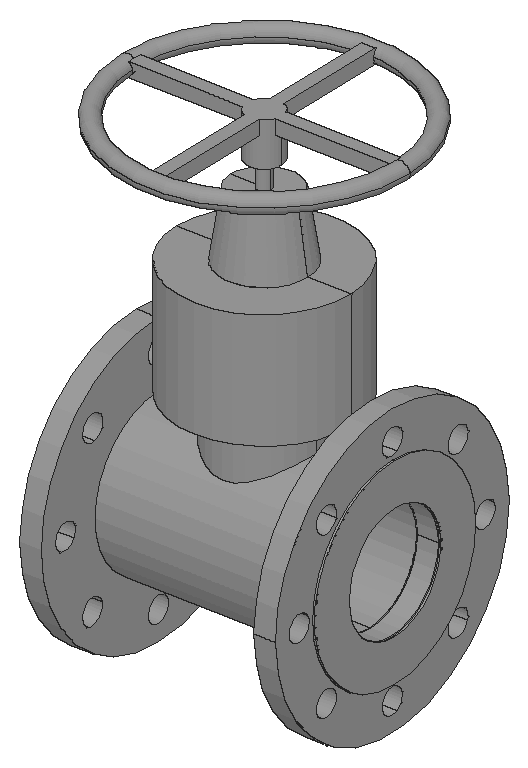
Revit family "M_Gate Valve_UNIVAL_GAV-0301 - 50-300 mm", category Pipe Accessories, Revit 2016
Family settings
  Part Type = Valve - Breaks Into
  Round Connector Dimension = Use Diameter
  OmniClass Number = 23.65.55.14.17
  OmniClass Title = Adjusting/Controlling Valves for Liquid Services
  Work Plane-Based = No
  Always vertical = Yes
  Cut with Voids When Loaded = No
  Shared = No
Parameters (values of type "DN80")
  WheelBed_L = L / 150 * 25  # 30 mm
  Symbol_w = L * 0.58  # 104.4 mm
  K Coefficient Table = "Gate Valve Flanged"
  Gasket Material = "EPDM"
  Flange_w = 17 mm
  Flange = M_Flange - 15-450 mm : DN80
  Disc Material = "Elastomer coated"
  D = 200 mm
  Body_y2 = L / 4  # 45 mm
  Body_y1 = DN / 2 + 40 mm  # 80 mm
  Body_r2 = L / 150 * 30  # 36 mm
  Body_r1 = L / 150 * 50  # 60 mm
  Connection_r = DN / 2  # 40 mm
  Wheel_D = L / 150 * 10  # 12 mm
  WheelProfile_w = L / 150 * 8  # 9.6 mm
  WheelCenter_r = (C - Wheel_D) / 2  # 94 mm
  WheelBed_D = L / 150 * 20  # 24 mm
  Shaft_L = L / 150 * 15  # 18 mm
  Shaft_D = L / 150 * 8  # 9.6 mm
  L1 = L - 2 * Flange_w  # 146 mm
  L = 180 mm
  built-in parameter 1114242 [instance] = 1
  URL = "http://www.unival.com.tr/"
  Pressure Rating = "PN16 / PN25"
  Model = "GAV-0301X080"
  Max. Working Temperature = "120°C"
  Manufacturer = "Giacomini Unival\r\nGiacomini Unival\r\nGiacomini Unival"
  Loss Method = K Coefficient from Table
  H = 254 mm
  Colour = UNIVAL_Blue
  Description TR = "Sürgülü vana"
  Description = "Gate valve"
  DN = 80 mm
  Connection Type = "Flanged"
  Body Material = "Cast iron"
  C = 200 mm
Types (9, lengths in mm): name | WheelBed_L | Symbol_w | Flange_w | Flange | D | Body_y2 | Body_y1 | Body_r2 | Body_r1 | Connection_r | Wheel_D | WheelProfile_w | WheelCenter_r | WheelBed_D | Shaft_L | Shaft_D | L1 | L | Model | H | DN | C
  DN50 | 25 | 87 | 17 | M_Flange - 15-450 mm : DN50 | 165 | 37.5 | 65 | 30 | 50 | 25 | 10 | 8 | 75 | 20 | 15 | 8 | 116 | 150 | "GAV-0301X050" | 197 | 50 | 160
  DN65 | 28.333 | 98.6 | 17 | M_Flange - 15-450 mm : DN65 | 185 | 42.5 | 72.5 | 34 | 56.667 | 32.5 | 11.333 | 9.067 | 94.333 | 22.667 | 17 | 9.067 | 136 | 170 | "GAV-0301X065" | 228 | 65 | 200
  DN80 | 30 | 104.4 | 17 | M_Flange - 15-450 mm : DN80 | 200 | 45 | 80 | 36 | 60 | 40 | 12 | 9.6 | 94 | 24 | 18 | 9.6 | 146 | 180 | "GAV-0301X080" | 254 | 80 | 200
  DN100 | 31.667 | 110.2 | 17 | M_Flange - 15-450 mm : DN100 | 220 | 47.5 | 90 | 38 | 63.333 | 50 | 12.667 | 10.133 | 93.667 | 25.333 | 19 | 10.133 | 156 | 190 | "GAV-0301X100" | 281 | 100 | 200
  DN125 | 33.333 | 116 | 17 | M_Flange - 15-450 mm : DN125 | 250 | 50 | 102.5 | 40 | 66.667 | 62.5 | 13.333 | 10.667 | 118.333 | 26.667 | 20 | 10.667 | 166 | 200 | "GAV-0301X125" | 340 | 125 | 250
  DN150 | 35 | 121.8 | 17 | M_Flange - 15-450 mm : DN150 | 285 | 52.5 | 115 | 42 | 70 | 75 | 14 | 11.2 | 118 | 28 | 21 | 11.2 | 176 | 210 | "GAV-0301X150" | 378 | 150 | 250
  DN200 | 38.333 | 133.4 | 18 | M_Flange - 15-450 mm : DN200 | 340 | 57.5 | 140 | 46 | 76.667 | 100 | 15.333 | 12.267 | 152.333 | 30.667 | 23 | 12.267 | 194 | 230 | "GAV-0301X200" | 460 | 200 | 320
  DN250 | 41.667 | 145 | 20 | M_Flange - 15-450 mm : DN250 | 400 | 62.5 | 165 | 50 | 83.333 | 125 | 16.667 | 13.333 | 174.667 | 33.333 | 25 | 13.333 | 210 | 250 | "GAV-0301X250" | 563 | 250 | 366
  DN300 | 45 | 156.6 | 22.5 | M_Flange - 15-450 mm : DN300 | 455 | 67.5 | 190 | 54 | 90 | 150 | 18 | 14.4 | 174 | 36 | 27 | 14.4 | 225 | 270 | "GAV-0301X300" | 643 | 300 | 366
Reference planes
  plane 1 "Center (Front/Back)": y = 0
  plane 2: z = 0
  plane 3 "Center (Left/Right)": x = 0
  plane 4: x = -73
  plane 5: x = 73
  plane 6: z = 40
  plane 7: z = 55
  plane 8: z = 206
  plane 9: z = 224
  plane 10: x = -60
  plane 11: x = 255
  plane 12: x = -36
  plane 13: y = 0
  plane 14: z = 254
  plane 15: z = 249.2
  plane 16: z = 244.4
  plane 17: z = 254
  plane 18: z = 80
  plane 19: z = 161
Forms (mm)
  Revolve 1, solid, material "UNIVAL_Blue", detail levels fine
    sketch origin (0, 0, 0) x (1, 0, 0) y (0, 0, 1)
      loop
        line (-36, 80) -> (-36, 40) -> (0, 40) -> (0, 206) -> (-23, 206) -> (-30.053, 161) -> (-60, 161) -> (-60, 80) -> (-36, 80)
      axis (0, 206) -> (0, 40)
    angle from 0 to 360
  Extrusion 2, solid, material "UNIVAL_Grey", detail levels fine
    sketch origin (-327.122, -1524, 212.565) x (-1, 0, 0) y (0, -1, 0)
      loop
        circle (-327.122, -1524) r 4.8
    from -6.565 to 11.435
  Revolve 3, solid, material "UNIVAL_Blue", detail levels fine
    sketch origin (-257, 0, 0) x (0, 0, 1) y (-1, 0, 0)
      loop
        line (55, -184) -> (40, -184) -> (40, -330) -> (55, -330) -> (55, -184)
      axis (0, -184) -> (0, -330)
    angle from 0 to 360
  Extrusion 4, solid, material "UNIVAL_Blue", detail levels fine
    sketch origin (-422.172, -1524, 249.2) x (-1, 0, 0) y (0, -1, 0)
      loop
        line (-328.172, -1519.2) -> (-516.172, -1519.2) -> (-516.172, -1528.8) -> (-328.172, -1528.8) -> (-328.172, -1519.2)
    from -4.8 to 4.8
  Extrusion 5, solid, material "UNIVAL_Blue", detail levels fine
    sketch origin (-298.248, -1524, 224) x (-1, 0, 0) y (0, -1, 0)
      loop
        circle (-298.248, -1524) r 12
    from 0 to 30
  Extrusion 6, solid, material "UNIVAL_Blue", detail levels fine
    sketch origin (4765.054, -262.362, 287) x (1, 0, 0) y (0, -1, 0)
      loop
        line (-4760.254, -168.362) -> (-4769.854, -168.362) -> (-4769.854, -356.362) -> (-4760.254, -356.362) -> (-4760.254, -168.362)
    from 33 to 42.6
  Revolve 7, solid, material "UNIVAL_Blue", detail levels fine
    sketch origin (2159.853, 0, 1200) x (1, 0, 0) y (0, 0, 1)
      loop
        circle (-2065.853, -950.8) r 6
      axis (-2159.853, -950.8) -> (-2159.853, -951.8)
    angle from 0 to 360
Cuts and joins
  joined: Extrusion 4, Extrusion 5, Extrusion 6
Lines and regions (mm)
  model lines, not visible
    curve 1: line (-90, 52.2, 0) -> (90, 52.2, 0)
    curve 3: line (90, -52.2, 0) -> (-90, -52.2, 0)
  model lines, detail levels coarse+medium
    curve 2: line (-90, -52.2, 0) -> (-90, 52.2, 0)
    curve 4: line (90, 52.2, 0) -> (90, -52.2, 0)
    curve 5: line (-90, 52.2, 0) -> (90, -52.2, 0)
    curve 6: line (90, 52.2, 0) -> (-90, -52.2, 0)
Dimensions and locks
  "Connection_r": plane 6 to level
  locked: plane 7 to plane 6 at 15
  equal spacing: plane 5, plane 3 "Center (Left/Right)", plane 4
  "L1": plane 5 to plane 4
  "Shaft_L": plane 9 to plane 8
  "Body_r1": plane 3 "Center (Left/Right)" to plane 10
  "Body_r2": plane 3 "Center (Left/Right)" to plane 12
  "WheelProfile_w": Extrusion 4 sketch curve to Extrusion 4 sketch curve
  equal spacing: Extrusion 4 sketch curve, plane 13, Extrusion 4 sketch curve
  equal spacing: Extrusion 4 sketch curve, plane 3 "Center (Left/Right)", Extrusion 4 sketch curve
  equal spacing: Extrusion 6 sketch curve, plane 3 "Center (Left/Right)", Extrusion 6 sketch curve
  "WheelProfile_w": Extrusion 6 sketch curve to Extrusion 6 sketch curve
  equal spacing: Extrusion 6 sketch curve, plane 13, Extrusion 6 sketch curve
  "WheelCenter_r": Revolve 7 sketch curve to Revolve 7 sketch curve
  "WheelCenter_r": Extrusion 4 sketch curve to plane 3 "Center (Left/Right)"
  "WheelCenter_r": Extrusion 6 sketch curve to plane 13
  equal spacing: plane 17, plane 15, plane 16
  "WheelProfile_w": plane 17 to plane 16
  "H": plane 17 to level
  "Body_y1": plane 18 to level
  "Body_y2": plane 8 to plane 19
  "H": plane 14 to level
  "WheelBed_L": plane 14 to plane 9
  equal spacing: curve 1, plane 13, curve 3
  "Symbol_w": curve 1 to curve 3
  equal spacing: curve 2, plane 3 "Center (Left/Right)", curve 4
  "L": curve 2 to curve 4
  "Shaft_D": diameter of Extrusion 2 sketch curve
  "WheelBed_D": diameter of Extrusion 5 sketch curve
  "Wheel_D": diameter of Revolve 7 sketch curve
  aligned and locked: level to plane 2
  aligned and locked: plane 3 "Center (Left/Right)" to Extrusion 2 sketch curve
  aligned and locked: plane 1 "Center (Front/Back)" to Extrusion 2 sketch curve
  aligned and locked: Revolve 3 sketch curve to plane 5
  aligned and locked: plane 4 to Revolve 3 sketch curve
  aligned and locked: Revolve 3 sketch curve to level
  aligned and locked: plane 6 to Revolve 3 sketch curve
  aligned and locked: Revolve 3 sketch curve to plane 7
  aligned and locked: plane 8 to Revolve 1
  aligned and locked: Extrusion 2 to plane 8
  aligned and locked: plane 9 to Extrusion 2
  aligned and locked: plane 10 to Revolve 1 sketch curve
  aligned and locked: plane 12 to Revolve 1 sketch curve
  aligned and locked: plane 6 to Revolve 1 sketch curve
  aligned and locked: Extrusion 6 to Extrusion 4  (x2)
  aligned and locked: plane 13 to Extrusion 5 sketch curve
  aligned and locked: Extrusion 5 to plane 9
  aligned and locked: plane 14 to Extrusion 5
  aligned and locked: plane 15 to Revolve 7 sketch curve
  aligned and locked: Extrusion 6 to plane 16
  aligned and locked: plane 17 to Extrusion 6
  aligned and locked: Revolve 7 sketch curve to plane 3 "Center (Left/Right)"
  aligned and locked: plane 1 "Center (Front/Back)" to plane 13
  aligned and locked: plane 18 to Revolve 1
  aligned and locked: plane 19 to Revolve 1
  aligned and locked: nested 1 to plane 2
  aligned and locked: nested 1 to plane 13
  aligned and locked: plane 2 to nested 2
  aligned and locked: plane 13 to nested 2
  aligned and locked: plane 13 to connector elem
  aligned and locked: connector elem to plane 13
Automatic sketch dimensions
  plane 11 to Revolve 3 sketch curve = 607.721 mm
  Revolve 3 sketch curve to plane 4 = 342.554 mm
  Revolve 1 sketch curve to plane 8 = 0 mm
  Revolve 1 sketch curve to plane 3 "Center (Left/Right)" = 0 mm  (x2)
  Revolve 1 sketch curve to plane 18 = 0 mm
  plane 12 to Revolve 1 sketch curve = 13 mm
  plane 12 to Revolve 1 sketch curve = 5.947 mm
  Revolve 1 sketch curve to plane 18 = 6.932 mm
  plane 18 to Revolve 1 sketch curve = 5.768 mm
  Revolve 1 sketch curve to plane 19 = 0 mm
  Extrusion 5 sketch curve to plane 3 "Center (Left/Right)" = 0 mm
  Revolve 7 sketch curve to plane 14 = 0 mm
  Revolve 7 sketch curve to level = 528.324 mm
Nested families
  nested 1: "M_Flange - 15-450 mm" at (73, 0, 0) x (0, 1, 0) z (1, 0, 0), type <- "Flange", type "DN80", detail levels fine
  nested 2: "M_Flange - 15-450 mm" at (-73, 0, 0) x (0, 0, 1) z (-1, 0, 0), type <- "Flange", type "DN80", detail levels fine
Connectors
  piping at (-90, 0, 0), diameter 80, driven by "DN"
    settings: on nested 2, index 1, connector inside diameter 609.6 mm, connector length 0 mm, flow factor 0, pipe flow 0.0 L/s, pressure drop 0.0 Pa, fitting loss kfactor 0, connector angle 0.00°, fixture units 0, engagement length 0 mm, angle of deflection 0.00°, flow configuration 0, flow direction 0, fitting loss method 0, system type 29, joint type 0, gender type 0, connector reference index -1, connector utility 0, adjustable connector no, is connector primary yes, connector description ""
  piping at (90, 0, 0), diameter 80, driven by "DN"
    settings: on nested 1, index 2, connector inside diameter 609.6 mm, connector length 0 mm, flow factor 0, pipe flow 0.0 L/s, pressure drop 0.0 Pa, fitting loss kfactor 0, connector angle 0.00°, fixture units 0, engagement length 0 mm, angle of deflection 0.00°, flow configuration 0, flow direction 0, fitting loss method 0, system type 29, joint type 0, gender type 0, connector reference index -1, connector utility 0, adjustable connector no, is connector primary no, connector description ""
Definition of nested family "M_Flange - 15-450 mm"
  Parameters (values of type "DN80")
    Hole_r = 9 mm
    Hole_number = 8
    Hole_dist = 80 mm
    Gasket_d = 2 mm
    Gasket_ro = 69 mm
    Gasket_ri = 40 mm
    Gasket colour = none
    Flange_d = 15 mm
    Flange_ro = 100 mm
    Default Elevation = 2500 mm
    Colour = none
  Types (17, lengths in mm): name | Hole_r | Hole_number | Hole_dist | Gasket_d | Gasket_ro | Gasket_ri | Flange_d | Flange_ro
    DN300 | 14 | 12 | 205 | 2.5 | 189 | 150 | 20 | 228
    DN350 | 14 | 16 | 235 | 4 | 219 | 175 | 22.5 | 260
    DN400 | 15 | 16 | 263 | 4 | 245 | 200 | 24 | 290
    DN450 | 15 | 20 | 293 | 5 | 275 | 225 | 25 | 320
    DN100 | 9 | 8 | 90 | 2 | 79 | 50 | 15 | 110
    DN25 | 7 | 4 | 43 | 2 | 34 | 13 | 15 | 58
    DN250 | 14 | 12 | 178 | 3 | 160 | 125 | 17 | 200
    DN200 | 11 | 12 | 149 | 3 | 134 | 100 | 15 | 170
    DN150 | 11 | 8 | 120 | 2 | 106 | 75 | 15 | 143
    DN80 | 9 | 8 | 80 | 2 | 69 | 40 | 15 | 100
    DN65 | 9 | 4 | 73 | 2 | 61 | 33 | 15 | 93
    DN50 | 9 | 4 | 63 | 2 | 51 | 25 | 15 | 83
    DN40 | 9 | 4 | 55 | 2 | 44 | 20 | 15 | 75
    DN32 | 9 | 4 | 50 | 2 | 39 | 16 | 15 | 70
    DN15 | 7 | 4 | 33 | 2 | 23 | 8 | 15 | 48
    DN125 | 11 | 8 | 104 | 2 | 83 | 63 | 15 | 125
    DN20 | 7 | 4 | 38 | 2 | 29 | 10 | 15 | 53
  Reference planes
    plane 1 "Center (Front/Back)": y = 0
    plane 2: z = 0
    plane 3 "Center (Left/Right)": x = 0
    plane 4: z = 17
    plane 5 "Extr": z = 15
  Forms (mm)
    Extrusion 1, solid
      sketch origin (0, 0, 0) x (1, 0, 0) y (0, 1, 0)
        loop
          line (-1219.2, 1219.2) -> (-1219.2, -1219.2) -> (1219.2, -1219.2) -> (1219.2, 1219.2) -> (-1219.2, 1219.2)
      from 0 to -304.8
    Extrusion 2, solid, material <- "Gasket colour"
      sketch origin (1219.2, -4572, 15) x (0, -1, 0) y (-1, 0, 0)
        loop
          circle (-4572, 1219.2) r 40
        loop
          circle (-4572, 1219.2) r 69
      from 0 to -2
    Extrusion 3, solid, material <- "Colour"
      sketch origin (0, 0, 0) x (1, 0, 0) y (0, 1, 0)
        loop
          circle (0, 0) r 100
        loop
          circle (0, 0) r 40
      from 0 to 15
    Extrusion 4, void
      sketch origin (-125, 0, 0) x (0.866025, 0.5, 0) y (-0.5, 0.866025, 0)
        loop
          circle (177.535, -102.5) r 9
      from 0 to 15 <- "Flange_d"
    Extrusion 5, void
      sketch origin (-88.388, 88.388, 0) x (0.965926, -0.258819, 0) y (0.258819, 0.965926, 0)
        loop
          circle (177.535, -102.5) r 9
      from 0 to 15 <- "Flange_d"
    Extrusion 6, void
      sketch origin (-88.388, -88.388, 0) x (0.258819, 0.965926, 0) y (-0.965926, 0.258819, 0)
        loop
          circle (177.535, -102.5) r 9
      from 0 to 15 <- "Flange_d"
    Extrusion 7, void
      sketch origin (0, -125, 0) x (-0.5, 0.866025, 0) y (-0.866025, -0.5, 0)
        loop
          circle (177.535, -102.5) r 9
      from 0 to 15 <- "Flange_d"
    Extrusion 8, void
      sketch origin (88.388, -88.388, 0) x (-0.965926, 0.258819, 0) y (-0.258819, -0.965926, 0)
        loop
          circle (177.535, -102.5) r 9
      from 0 to 15 <- "Flange_d"
    Extrusion 9, void
      sketch origin (125, 0, 0) x (-0.866025, -0.5, 0) y (0.5, -0.866025, 0)
        loop
          circle (177.535, -102.5) r 9
      from 0 to 15 <- "Flange_d"
    Extrusion 10, void
      sketch origin (88.388, 88.388, 0) x (-0.258819, -0.965926, 0) y (0.965926, -0.258819, 0)
        loop
          circle (177.535, -102.5) r 9
      from 0 to 15 <- "Flange_d"
    Extrusion 11, void
      sketch origin (0, 125, 0) x (0.5, -0.866025, 0) y (0.866025, 0.5, 0)
        loop
          circle (177.535, -102.5) r 9
      from 0 to 15 <- "Flange_d"
  Cuts and joins
    Extrusion 4, Extrusion 5, Extrusion 6, Extrusion 7, Extrusion 8, Extrusion 9, Extrusion 10, Extrusion 11 cuts Extrusion 3
  Dimensions and locks
    "Flange_d": plane 5 "Extr" to plane 2
    "Gasket_d": plane 4 to plane 5 "Extr"
    "Gasket_ri": radius of Extrusion 2 sketch curve
    "Gasket_ro": radius of Extrusion 2 sketch curve
    "Flange_ro": radius of Extrusion 3 sketch curve
    "Hole_r": radius of Extrusion 4 sketch curve
    "Hole_r": radius of Extrusion 5 sketch curve
    "Hole_r": radius of Extrusion 6 sketch curve
    "Hole_dist": radius of radial array
    "Hole_r": radius of Extrusion 7 sketch curve
    "Hole_r": radius of Extrusion 8 sketch curve
    "Hole_r": radius of Extrusion 9 sketch curve
    "Hole_r": radius of Extrusion 10 sketch curve
    "Hole_r": radius of Extrusion 11 sketch curve
    aligned and locked: plane 2 to Extrusion 1
    aligned and locked: level to Extrusion 1
    aligned and locked: plane 5 "Extr" to Extrusion 3
    aligned and locked: plane 4 to Extrusion 2
    aligned and locked: plane 5 "Extr" to Extrusion 2
    aligned and locked: Extrusion 3 sketch curve to Extrusion 2
  Automatic sketch dimensions
    Extrusion 1 sketch curve to Extrusion 1 sketch curve = 2438.4 mm  (x2)
    Extrusion 2 sketch curve to Extrusion 2 sketch curve = 0 mm  (x2)
    plane 1 "Center (Front/Back)" to Extrusion 2 sketch curve = 0 mm
    Extrusion 2 sketch curve to plane 3 "Center (Left/Right)" = 0 mm
    Extrusion 3 sketch curve to Extrusion 3 sketch curve = 0 mm  (x2)
